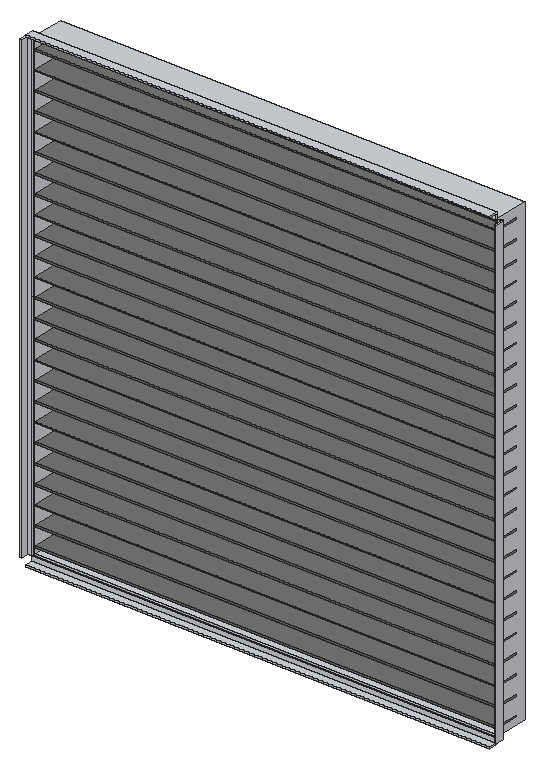
Revit family "НЕВАТОМ_Регулятор расхода воздуха(РРВ), Версия 1", category Арматура воздуховодов, Revit 2017
Family settings
  Размер круглого соединителя = Использовать диаметр
  Тип детали = Вставляется
  На основе рабочей плоскости = Нет
  Всегда вертикально = Нет
  При загрузке вырезать с полостями = Нет
  Общий = Нет
Parameters (values of type "РРВ 600х600")
  шаг = 24 mm
  с1 = 8 mm
  с = С / 5  # 11.2 mm
  Количество ламелей [instance] = A / шаг  # 25
  С = 56 mm
  Материал = Сталь оцинкованная
  Группа модели = "Вентиляция"  # constant formula
  t = 2 mm
  k = 10 mm
  Nevatom_URL = "https://t.me/NEVATOM_Bim_bot"
  B = 600 mm
  ADSK_Этаж = ""
  ADSK_Расход воздуха = 0.0 m³/h
  ADSK_Размер_Ширина = B  # 600 mm
  ADSK_Размер_Толщина = С  # 56 mm
  ADSK_Размер_Длина = A  # 600 mm
  ADSK_Потеря давления воздуха = 0.0 Pa
  ADSK_Материал наименование = "Оцинкованная сталь"  # constant formula
  ADSK_Количество = 0
  A = 600 mm
  ADSK_Примечание = ""
  ADSK_Позиция = ""
  ADSK_Наименование = "Регулятор расхода воздуха(РРВ)"  # constant formula
  ADSK_Масса_Текст = "кг"  # constant formula
  ADSK_Масса = 0
  ADSK_Марка = "РРВ 600х600"
  ADSK_Код изделия = ""
  ADSK_Завод-изготовитель = "НЕВАТОМ"  # constant formula
  ADSK_Единица измерения = "шт"  # constant formula
Types (11, lengths in mm): name | шаг | Количество ламелей | B | ADSK_Размер_Ширина | ADSK_Размер_Длина | A | ADSK_Марка
  РРВ 100х100 | 30 | 3 | 100 | 100 | 100 | 100 | ""
  РРВ 150х150 | 30 | 5 | 150 | 150 | 150 | 150 | "РРВ 150х150"
  РРВ 200х200 | 30 | 7 | 200 | 200 | 200 | 200 | "РРВ 200х200"
  РРВ 250х250 | 28 | 9 | 250 | 250 | 250 | 250 | "РРВ 250х250"
  РРВ 300х300 | 28 | 11 | 300 | 300 | 300 | 300 | "РРВ 300х300"
  РРВ 350х350 | 25 | 14 | 350 | 350 | 350 | 350 | "РРВ 350х350"
  РРВ 400х400 | 25 | 16 | 400 | 400 | 400 | 400 | "РРВ 400х400"
  РРВ 450х450 | 24 | 19 | 450 | 450 | 450 | 450 | "РРВ 450х450"
  РРВ 500х500 | 25 | 20 | 500 | 500 | 500 | 500 | "РРВ 500х500"
  РРВ 550х550 | 23 | 22 | 500 | 500 | 500 | 500 | "РРВ 550х550"
  РРВ 600х600 | 24 | 25 | 600 | 600 | 600 | 600 | "РРВ 600х600"
Reference planes
  plane 1 "По центру (Вперед/Назад)": y = 0
  plane 2: z = -300
  plane 3 "По центру (Влево/Вправо)": x = 0
  plane 4: y = -28
  plane 5: y = 28
  plane 6: x = -300
  plane 7: z = 300
  plane 8: x = 300
  plane 9: y = -16.8
  plane 10: x = -308
  plane 11: z = 308
  plane 12: x = 308
  plane 13: z = -308
  plane 14: z = -83.333
  plane 15: z = -290
  plane 16: z = -266
Forms (mm)
  Extrusion 1, solid
    sketch origin (-0.921, 0, 0) x (1, 0, 0) y (0, 0, 1)
      loop
        line (-299.079, 300) -> (-299.079, -300) -> (300.921, -300) -> (300.921, 300) -> (-299.079, 300)
      loop
        line (-297.079, 298) -> (-297.079, -298) -> (298.921, -298) -> (298.921, 298) -> (-297.079, 298)
    from -28 to 16.8
  Extrusion 2, solid
    sketch origin (-0.921, 0, 0) x (1, 0, 0) y (0, 0, 1)
      loop
        line (-299.079, 308) -> (-299.079, 306) -> (300.921, 306) -> (300.921, 308) -> (-299.079, 308)
      loop
        line (-307.079, -300) -> (-305.079, -300) -> (-305.079, 300) -> (-307.079, 300) -> (-307.079, -300)
      loop
        line (300.921, -308) -> (300.921, -306) -> (-299.079, -306) -> (-299.079, -308) -> (300.921, -308)
      loop
        line (308.921, 300) -> (306.921, 300) -> (306.921, -300) -> (308.921, -300) -> (308.921, 300)
    from 16.8 to 28
  Extrusion 3, solid
    sketch origin (0, 0, 0) x (1, 0, 0) y (0, 0, 1)
      loop
        line (-300, 306) -> (-300, 300) -> (300, 300) -> (300, 306) -> (-300, 306)
      loop
        line (300, -306) -> (300, -300) -> (-300, -300) -> (-300, -306) -> (300, -306)
    from 16.8 to 18.8
  Extrusion 4, solid
    sketch origin (0, 0, 0) x (1, 0, 0) y (0, 0, 1)
      loop
        line (-306, 300) -> (-306, 0) -> (-306, -300) -> (-300, -300) -> (-300, 0) -> (-300, 300) -> (-306, 300)
    from 16.8 to 18.8
  Extrusion 5, solid
    sketch origin (0, 0, 0) x (1, 0, 0) y (0, 0, 1)
      loop
        line (300, 300) -> (300, -300) -> (306, -300) -> (306, 300) -> (300, 300)
    from 14.8 to 16.8
Dimensions and locks
  "B": plane 8 to plane 6
  equal spacing: plane 8, plane 3 "По центру (Влево/Вправо)", plane 6
  equal spacing: plane 7, level, plane 2
  "A": plane 7 to plane 2
  "С": plane 5 to plane 4
  "t": Extrusion 1 sketch curve to Extrusion 1 sketch curve  (x4)
  equal spacing: plane 5, plane 1 "По центру (Вперед/Назад)", plane 4
  "с": plane 9 to plane 4
  "t": Extrusion 2 sketch curve to Extrusion 2 sketch curve  (x4)
  "с1": plane 6 to plane 10
  "с1": plane 2 to plane 13
  "с1": plane 11 to plane 7
  "с1": plane 12 to plane 8
  "t": Extrusion 3 to Extrusion 3
  "t": Extrusion 4 to Extrusion 4
  "t": Extrusion 5 to Extrusion 5
  "k": plane 15 to plane 2
  "шаг": plane 16 to plane 15
  equal spacing: group 1, group 2, group 3, group 4, group 5, group 6, group 7, group 8, group 9, group 10, group 11, group 12, group 13, group 14, group 15, group 16, group 17, group 18, group 19, group 20, group 21, group 22, group 23, group 24, group 25  (x3)
  aligned and locked: plane 5 to Extrusion 1
  aligned and locked: plane 8 to Extrusion 1
  aligned and locked: plane 7 to Extrusion 1
  aligned and locked: Extrusion 1 to plane 6
  aligned and locked: Extrusion 1 to plane 2
  aligned and locked: Extrusion 2 to plane 4
  aligned and locked: Extrusion 2 to Extrusion 1
  aligned and locked: Extrusion 2 sketch curve to plane 11
  aligned and locked: Extrusion 2 sketch curve to plane 12
  aligned and locked: plane 13 to Extrusion 2 sketch curve
  aligned and locked: plane 10 to Extrusion 2 sketch curve
  aligned and locked: Extrusion 3 sketch curve to Extrusion 2  (x2)
  aligned and locked: Extrusion 3 to Extrusion 1
  aligned and locked: Extrusion 3 sketch curve to plane 7
  aligned and locked: plane 2 to Extrusion 3 sketch curve
  aligned and locked: Extrusion 4 sketch curve to Extrusion 2
  aligned and locked: Extrusion 2 to Extrusion 4 sketch curve
  aligned and locked: Extrusion 4 sketch curve to Extrusion 1
  aligned and locked: plane 9 to Extrusion 4
  aligned and locked: plane 2 to Extrusion 5 sketch curve
  aligned and locked: Extrusion 5 sketch curve to plane 7
  aligned and locked: Extrusion 5 sketch curve to Extrusion 1
  aligned and locked: Extrusion 5 to plane 9
  aligned and locked: plane 2 to Extrusion 4 sketch curve
  aligned and locked: Extrusion 4 sketch curve to plane 6
  aligned and locked: plane 2 to Extrusion 3
  aligned and locked: plane 8 to nested 1
  aligned and locked: nested 1 to plane 6
  aligned and locked: nested 1 to plane 9
  aligned and locked: nested 1 to plane 15  (x2)
  aligned and locked: nested 2 to plane 16
Automatic sketch dimensions
  Extrusion 3 sketch curve to plane 6 = 0 mm  (x2)
  Extrusion 3 sketch curve to plane 8 = 0 mm  (x2)
  Extrusion 5 sketch curve to plane 12 = 2 mm
  Extrusion 4 sketch curve to level = 0 mm  (x2)
  Extrusion 1 sketch curve to plane 2 = 0 mm
  Extrusion 1 sketch curve to plane 6 = 0 mm
  Extrusion 1 sketch curve to plane 7 = 0 mm
  Extrusion 1 sketch curve to plane 8 = 0 mm
  Extrusion 2 sketch curve to plane 6 = 0 mm  (x2)
  Extrusion 2 sketch curve to plane 8 = 0 mm  (x2)
  Extrusion 2 sketch curve to plane 2 = 0 mm  (x2)
  Extrusion 2 sketch curve to plane 7 = 0 mm  (x2)
Nested families
  nested 1: "ламель" at (0, -1.8, -290), B <- "B", type "ламель"
    with c 30 mm, B 600 mm, 2 2 mm
  nested 2: "ламель" at (0, -1.8, -266), B <- "B", type "ламель"
    with c 30 mm, B 600 mm, 2 2 mm
  nested 3: "ламель" at (0, -1.8, -242), B <- "B", type "ламель"
    with c 30 mm, B 600 mm, 2 2 mm
  nested 4: "ламель" at (0, -1.8, -218), B <- "B", type "ламель"
    with c 30 mm, B 600 mm, 2 2 mm
  nested 5: "ламель" at (0, -1.8, -194), B <- "B", type "ламель"
    with c 30 mm, B 600 mm, 2 2 mm
  nested 6: "ламель" at (0, -1.8, -170), B <- "B", type "ламель"
    with c 30 mm, B 600 mm, 2 2 mm
  nested 7: "ламель" at (0, -1.8, -146), B <- "B", type "ламель"
    with c 30 mm, B 600 mm, 2 2 mm
  nested 8: "ламель" at (0, -1.8, -122), B <- "B", type "ламель"
    with c 30 mm, B 600 mm, 2 2 mm
  nested 9: "ламель" at (0, -1.8, -98), B <- "B", type "ламель"
    with c 30 mm, B 600 mm, 2 2 mm
  nested 10: "ламель" at (0, -1.8, -74), B <- "B", type "ламель"
    with c 30 mm, B 600 mm, 2 2 mm
  nested 11: "ламель" at (0, -1.8, -50), B <- "B", type "ламель"
    with c 30 mm, B 600 mm, 2 2 mm
  nested 12: "ламель" at (0, -1.8, -26), B <- "B", type "ламель"
    with c 30 mm, B 600 mm, 2 2 mm
  nested 13: "ламель" at (0, -1.8, -2), B <- "B", type "ламель"
    with c 30 mm, B 600 mm, 2 2 mm
  nested 14: "ламель" at (0, -1.8, 22), B <- "B", type "ламель"
    with c 30 mm, B 600 mm, 2 2 mm
  nested 15: "ламель" at (0, -1.8, 46), B <- "B", type "ламель"
    with c 30 mm, B 600 mm, 2 2 mm
  nested 16: "ламель" at (0, -1.8, 70), B <- "B", type "ламель"
    with c 30 mm, B 600 mm, 2 2 mm
  nested 17: "ламель" at (0, -1.8, 94), B <- "B", type "ламель"
    with c 30 mm, B 600 mm, 2 2 mm
  nested 18: "ламель" at (0, -1.8, 118), B <- "B", type "ламель"
    with c 30 mm, B 600 mm, 2 2 mm
  nested 19: "ламель" at (0, -1.8, 142), B <- "B", type "ламель"
    with c 30 mm, B 600 mm, 2 2 mm
  nested 20: "ламель" at (0, -1.8, 166), B <- "B", type "ламель"
    with c 30 mm, B 600 mm, 2 2 mm
  nested 21: "ламель" at (0, -1.8, 190), B <- "B", type "ламель"
    with c 30 mm, B 600 mm, 2 2 mm
  nested 22: "ламель" at (0, -1.8, 214), B <- "B", type "ламель"
    with c 30 mm, B 600 mm, 2 2 mm
  nested 23: "ламель" at (0, -1.8, 238), B <- "B", type "ламель"
    with c 30 mm, B 600 mm, 2 2 mm
  nested 24: "ламель" at (0, -1.8, 262), B <- "B", type "ламель"
    with c 30 mm, B 600 mm, 2 2 mm
  nested 25: "ламель" at (0, -1.8, 286), B <- "B", type "ламель"
    with c 30 mm, B 600 mm, 2 2 mm
Connectors
  hvac at (0, -16.8, 0), driven by "A", driven by "B"
    settings: on Extrusion 1, index 1, duct flow 0.0 m³/h, flow factor 0, pres drop 0.0 Pa, loss coef 0, conn angle 0.00°, conn width 600 mm, conn height 600 mm, conn diameter 609.6 mm, duct sys type 1, conn prof type 1, flow config 0, flow direction 0, loss method 0, conn ref index -1, conn util no, is conn primary yes, conn desc ""
Definition of nested family "ламель"
  Parameters (values of type "ламель")
    c [instance] = 30 mm
    B [instance] = 100 mm
    2 [instance] = 2 mm
  Reference planes
    plane 1 "По центру (Вперед/Назад)": y = 0
    plane 2: z = 0
    plane 3 "По центру (Влево/Вправо)": x = 0
    plane 4: y = 15
    plane 5: x = -50
    plane 6: x = 50
    plane 7: y = -15
  Forms (mm)
    Extrusion 1, solid
      sketch origin (0, 0, 0) x (1, 0, 0) y (0, 1, 0)
        loop
          line (-50, 15) -> (-50, -15) -> (50, -15) -> (50, 15) -> (-50, 15)
      from 0 to 2
  Dimensions and locks
    equal spacing: plane 5, plane 3 "По центру (Влево/Вправо)", plane 6
    "B": plane 5 to plane 6
    equal spacing: plane 4, plane 1 "По центру (Вперед/Назад)", plane 7
    "c": plane 4 to plane 7
    "2": Extrusion 1 to Extrusion 1
    aligned and locked: level to plane 2
    aligned and locked: Extrusion 1 to plane 7
    aligned and locked: Extrusion 1 to plane 5
    aligned and locked: plane 6 to Extrusion 1
    aligned and locked: plane 4 to Extrusion 1
  Automatic sketch dimensions
    plane 1 "По центру (Вперед/Назад)" to Extrusion 1 sketch curve = 15 mm
    Extrusion 1 sketch curve to plane 5 = 0 mm
    Extrusion 1 sketch curve to plane 6 = 0 mm
    Extrusion 1 sketch curve to plane 4 = 0 mm
